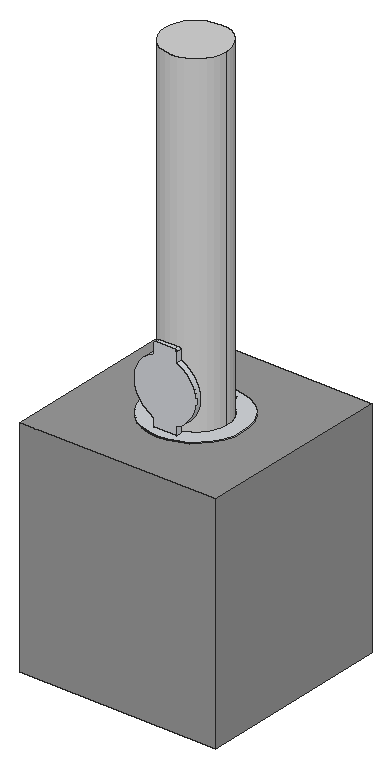
Revit family "Bollard-1_800_Bollards-Internal_Locking_Removable-CS3", category Site, Revit 2017
Family settings
  Round Connector Dimension = Use Diameter
  Part Type = Normal
  OmniClass Number = 23.15.10.11.21
  OmniClass Title = Traffic Safety Barriers and Protections
  Work Plane-Based = No
  Always vertical = Yes
  Cut with Voids When Loaded = No
  Shared = No
Parameters (values of type "6 in")
  URL = "https://1800bollards.com/"
  Type Comments = if([4 in Bollard], "4 in Nominal Diameter", if([5 in Bollard], "5 in Nominal Diameter", if([6 in Bollard], "6 in Nominal Diameter", if([8 in Bollard], "8 in Nominal Diameter", if([10 in Bollard], "10 in Nominal Diameter", if([12 in Bollard], "12 in Nominal Diameter", "3 in Nominal Diameter"))))))  # "6 in Nominal Diameter"
  Thickness = if([4 in Bollard], 0' 4 1/2", if([5 in Bollard], 0' 5 143/256", if([6 in Bollard], 0' 6 159/256", if([8 in Bollard], 0' 8 159/256", if([10 in Bollard], 0' 10 3/4", if([12 in Bollard], 1' 0 3/4", 0' 3 1/2"))))))  # 0' - 6 159/256"
  Stainless Steel = not(Carbon Steel)  # yes
  Sloped Offset [instance] = if(Sloped, 0' 0", Thickness)  # 0' - 6 159/256"
  Sloped [instance] = no
  Reveal Offset [instance] = if(Reveal, 0' 2 179/256", 0' 0")  # 0' - 0"
  Reveal [instance] = no
  Rebar by others = yes
  Product Page URL = "https://1800bollards.com/product-category/removable-bollards/"
  Product Name = "Removable Bollards"  # constant formula
  Product Documentation Link = "https://microsite.caddetails.com/main/company/viewproduct?productID=23134&companyID=5046&isFeatured=False&microsite=1&currentTab=Product"
  Model = "Internal Locking Removable Bollard"  # constant formula
  Manufacturer = "1-800-BOLLARDS"  # constant formula
  Height Below Grade = if(or([10 in Bollard], [12 in Bollard]), 1' 3", 1' 0")  # 1' - 0"
  Height = 3' - 0"  # constant formula
  Foundation Width = if([12 in Bollard], 2' 6", 1' 9")  # 1' - 9"
  Foundation Depth = if([12 in Bollard], 2' 6", 2' 0")  # 2' - 0"
  Flat [instance] = not(or(or(Dome, Reveal, Sloped)))  # yes
  Finish = Metal-1_800_Bollards-Stainless_Steel
  Dome Offset [instance] = if(Dome, 0' 0", Dome Height + 0' 1")  # 0' - 2.91135"
  Dome Height = Bollard Radius * tan(30.00°)  # 0' - 1.91135"
  Dome [instance] = no
  Description = if(Carbon Steel, "Carbon Steel Internal Locking Removable Bollard", "Stainless Steel Internal Locking Removable Bollard")  # "Stainless Steel Internal Locking Removable Bollard"
  Concrete by others = yes
  Concrete Finish by others = Concrete, Lightweight
  Carbon Steel = no
  Bollard Radius = Thickness / 2  # 0' - 3.31055"
  Bollard Cap Radius = Bollard Radius + 0' 1 215/256"  # 0' - 5.15039"
  Assembly Code = "G2020400"
  8 in Bollard = no
  6 in Bollard = yes
  5 in Bollard = no
  4 in Bollard = no
  3 in Bollard = not(or(or(or(or(or(or([4 in Bollard], [5 in Bollard], [6 in Bollard], [8 in Bollard], [10 in Bollard], [12 in Bollard])))))))  # no
  12 in Bollard = no
  10 in Bollard = no
Types (7): name | Type Comments | Thickness | Sloped Offset | Height Below Grade | Foundation Width | Foundation Depth | Dome Offset | Dome Height | Bollard Radius | Bollard Cap Radius | Assembly Code | 8 in Bollard | 6 in Bollard | 5 in Bollard | 4 in Bollard | 3 in Bollard | 12 in Bollard | 10 in Bollard
  3 in | "3 in Nominal Diameter" | 0' - 3 1/2" | 0' - 3 1/2" | 1' - 0" | 1' - 9" | 2' - 0" | 0' - 2.01036" | 0' - 1.01036" | 0' - 1 3/4" | 0' - 3 151/256" | "G2010400" | no | no | no | no | yes | no | no
  4 in | "4 in Nominal Diameter" | 0' - 4 1/2" | 0' - 4 1/2" | 1' - 0" | 1' - 9" | 2' - 0" | 0' - 2.29904" | 0' - 1.29904" | 0' - 2 1/4" | 0' - 4 23/256" | "G2010400" | no | no | no | yes | no | no | no
  5 in | "5 in Nominal Diameter" | 0' - 5 143/256" | 0' - 5 143/256" | 1' - 0" | 1' - 9" | 2' - 0" | 0' - 2.60463" | 0' - 1.60463" | 0' - 2.7793" | 0' - 4.61914" | "G2010400" | no | no | yes | no | no | no | no
  6 in | "6 in Nominal Diameter" | 0' - 6 159/256" | 0' - 6 159/256" | 1' - 0" | 1' - 9" | 2' - 0" | 0' - 2.91135" | 0' - 1.91135" | 0' - 3.31055" | 0' - 5.15039" | "G2020400" | no | yes | no | no | no | no | no
  8 in | "8 in Nominal Diameter" | 0' - 8 159/256" | 0' - 8 159/256" | 1' - 0" | 1' - 9" | 2' - 0" | 0' - 3.4887" | 0' - 2.4887" | 0' - 4.31055" | 0' - 6.15039" | "G2010400" | yes | no | no | no | no | no | no
  10 in | "10 in Nominal Diameter" | 0' - 10 3/4" | 0' - 10 3/4" | 1' - 3" | 1' - 9" | 2' - 0" | 0' - 4.10326" | 0' - 3.10326" | 0' - 5 3/8" | 0' - 7 55/256" | "G2010400" | no | no | no | no | no | no | yes
  12 in | "12 in Nominal Diameter" | 1' - 0 3/4" | 1' - 0 3/4" | 1' - 3" | 2' - 6" | 2' - 6" | 0' - 4.68061" | 0' - 3.68061" | 0' - 6 3/8" | 0' - 8 55/256" | "G2010400" | no | no | no | no | no | yes | no
Reference planes (in)
  plane 1 "Center (Front/Back)": y = 0
  plane 2: z = 0
  plane 3 "Center (Left/Right)": x = 0
  plane 4 "Top": z = 36
  plane 5 "Bottom": z = -12
  plane 6 "Right": x = 3.31055
  plane 7 "Left": x = -3.31055
  plane 8 "Back": y = 3.31055
  plane 9 "Front": y = -3.31055
Forms (in)
  Extrusion 1, solid, material "Metal-1_800_Bollards-Stainless_Steel" <- "Finish", detail levels medium+fine
    sketch origin (0, 0, 0) x (1, 0, 0) y (0, 1, 0)
      loop
        circle (0, 0) r 3.31055
    from -12 to 36
  Extrusion 2, solid, material "Metal-1_800_Bollards-Stainless_Steel" <- "Finish", detail levels coarse
    sketch origin (0, 0, 0) x (1, 0, 0) y (0, 1, 0)
      loop
        line (-3.31055, 3.31055) -> (-3.31055, -3.31055) -> (3.31055, -3.31055) -> (3.31055, 3.31055) -> (-3.31055, 3.31055)
    from -12 to 36
  Extrusion 3, void
    sketch origin (0, 0, 0) x (0, 1, 0) y (0, 0, 1)
      loop
        line (-3.31055, 42.62109) -> (3.31055, 37.98495) -> (3.31055, 42.62109) -> (-3.31055, 42.62109)
    from -3.31055 to 3.31055
  Revolve 4, void
    sketch origin (0, 0, 0.125) x (1, 0, 0) y (0, 0, 1)
      loop
        line (3.1567, 37.125) -> (3.1567, 35.875) -> (3.31055, 35.875) -> (3.31055, 37.125) -> (3.1567, 37.125)
      axis (0, 35.875) -> (0, 37.125)
    angle from 0 to 360
  Revolve 5, void
    sketch origin (0, 0, 0) x (1, 0, 0) y (0, 0, 1)
      loop
        line (3.31055, 37) -> (3.31055, 38.91135) -> (0, 38.91135)
        arc (0, 38.91135) -> (1.91135, 38.3992) -> (3.31055, 37) r 3.82269
      axis (0, 38.91135) -> (0, 37)
    angle from 0 to 360
  Extrusion 6, solid, material "Concrete, Lightweight" <- "Concrete Finish by others", visible <- "Concrete by others"
    sketch origin (0, 0, 0) x (1, 0, 0) y (0, 1, 0)
      loop
        line (-10.5, 10.5) -> (-10.5, -10.5) -> (10.5, -10.5) -> (10.5, 10.5) -> (-10.5, 10.5)
    from -24 to 0
Cuts and joins
  Extrusion 3, Revolve 4, Revolve 5 cuts Extrusion 1
Dimensions and locks (in)
  "Height": plane 4 "Top" to level
  "Height Below Grade": level to plane 5 "Bottom"
  "Thickness": plane 7 "Left" to plane 6 "Right"
  "Thickness": plane 9 "Front" to plane 8 "Back"
  equal spacing: plane 9 "Front", plane 1 "Center (Front/Back)", plane 8 "Back"
  equal spacing: plane 7 "Left", plane 3 "Center (Left/Right)", plane 6 "Right"
  "Sloped Offset": Extrusion 3 sketch curve to plane 4 "Top"
  plane 6 "Right" to Revolve 4 sketch curve to Revolve 4 sketch curve = 0' - 0" locked, 0' - 0.15385" locked
  "Reveal Offset": plane 4 "Top" to Revolve 4 sketch curve
  locked: Revolve 4 sketch curve to Revolve 4 sketch curve at 1.25
  "Dome Offset": Revolve 5 sketch curve to plane 4 "Top"
  "Dome Height": Revolve 5 sketch curve to Revolve 5 sketch curve
  equal spacing: Extrusion 6 sketch curve, plane 3 "Center (Left/Right)", Extrusion 6 sketch curve
  equal spacing: Extrusion 6 sketch curve, plane 1 "Center (Front/Back)", Extrusion 6 sketch curve
  "Foundation Width": Extrusion 6 sketch curve to Extrusion 6 sketch curve  (x2)
  "Foundation Depth": plane 2 to Extrusion 6
  locked: plane 3 "Center (Left/Right)" to Extrusion 1 sketch curve at 0
  locked: plane 1 "Center (Front/Back)" to Extrusion 1 sketch curve at 0
  "Bollard Radius": radius of Extrusion 1 sketch curve
  locked: Extrusion 3 sketch curve to plane 4 "Top" (angle 35.00°)
  aligned and locked: plane 2 to level
  aligned and locked: plane 4 "Top" to Extrusion 1
  aligned and locked: plane 8 "Back" to Extrusion 2 sketch curve
  aligned and locked: plane 7 "Left" to Extrusion 2 sketch curve
  aligned and locked: Extrusion 2 sketch curve to plane 9 "Front"
  aligned and locked: Extrusion 2 sketch curve to plane 6 "Right"
  aligned and locked: plane 4 "Top" to Extrusion 2
  aligned and locked: Revolve 4 sketch curve to plane 3 "Center (Left/Right)"
  aligned and locked: plane 6 "Right" to Revolve 5 sketch curve
  aligned and locked: plane 3 "Center (Left/Right)" to Revolve 5 sketch curve
  aligned and locked: plane 5 "Bottom" to Extrusion 1
  aligned and locked: nested 2 to plane 3 "Center (Left/Right)"
  aligned and locked: nested 2 to level
  aligned and locked: nested 1 to plane 1 "Center (Front/Back)"
  aligned and locked: nested 1 to level
  aligned and locked: plane 6 "Right" to Extrusion 3
  aligned and locked: Extrusion 3 to plane 7 "Left"
  aligned and locked: Extrusion 3 sketch curve to plane 8 "Back"
  aligned and locked: plane 9 "Front" to Extrusion 3 sketch curve
  aligned and locked: plane 5 "Bottom" to Extrusion 2
  aligned and locked: level to Extrusion 6
  aligned and locked: nested 3 to plane 1 "Center (Front/Back)"
  aligned and locked: plane 3 "Center (Left/Right)" to nested 3
  aligned and locked: nested 3 to level
Automatic sketch dimensions
  Revolve 4 sketch curve to plane 4 "Top" = 0' - 0.67477"
  Revolve 4 sketch curve to Revolve 4 sketch curve = 0' - 0.45023"
  Revolve 5 sketch curve to plane 3 "Center (Left/Right)" = 0' - 0"
  Revolve 5 sketch curve to Revolve 5 sketch curve = 0' - 0.90788"
  Revolve 5 sketch curve to Revolve 5 sketch curve = 0' - 0 5/8"
Nested families (in)
  nested 1: "Nested-1_800_Bollards-Mounting_Detail" at (0, 0, 0) x (0, 1, 0) z (1, 0, 0), type "Mounting Detail Side View"
  nested 2: "Nested-1_800_Bollards-Mounting_Detail" at (0, 0, 0) x (1, 0, 0) z (0, -1, 0), type "Mounting Detail Front View"
  nested 3: "Nested-1-800-Bollards-Cover" at (0, -3.56836, 0) x (0, 1, 0) z (0, 0, 1), type "Cover"
Definition of nested family "Nested-1-800-Bollards-Cover"
  Parameters (values of type "Cover")
    URL = "https://1800bollards.com/"
    Type Comments = "For use with 1-800-Bollards Models Only"  # constant formula
    Padlock = yes
    Model = "Cover"  # constant formula
    Manufacturer = "1-800-Bollards"  # constant formula
    Finish = none
    Description = "Removable Hole Cover"  # constant formula
    Bollard Radius = 0' - 3.31055"
    Bollard Insert = Bollard Radius + 0' 0 33/128"  # 0' - 3.56836"
    Bollard Cap Radius = Bollard Radius + 0' 1 215/256"  # 0' - 5.15039"
  Reference planes (in)
    plane 1 "Center (Front/Back)": y = 0
    plane 2: z = 0
    plane 3 "Center (Left/Right)": x = 0
    plane 4 "Insert": x = 3.56836
  Forms (in)
    Extrusion 1, solid, material <- "Finish", detail levels medium+fine
      sketch origin (6.51405, -0.00005, 0) x (0, 1, 0) y (0, 0, 1)
        loop
          arc (1.21383, 0.94738) -> (3.32048, 4.03127) -> (1.21383, 7.11515) r 3.31055
          line (1.21383, 7.11515) -> (1.21383, 8.08128)
          arc (1.21383, 8.08128) -> (1.14567, 8.24583) -> (0.98112, 8.31399) r 0.23271
          line (0.98112, 8.31399) -> (-0.98101, 8.31399)
          arc (-0.98101, 8.31399) -> (-1.14556, 8.24583) -> (-1.21372, 8.08128) r 0.23271
          line (-1.21372, 8.08128) -> (-1.21372, 7.11515)
          arc (-1.21372, 7.11515) -> (-3.32037, 4.03127) -> (-1.21372, 0.94738) r 3.31055
          line (-1.21372, 0.94738) -> (-1.21372, 0) -> (1.21383, 0) -> (1.21383, 0.94738)
      from -7.02854 to -6.51405
    Revolve 2, solid, material <- "Finish", visible <- "Padlock", detail levels fine
      sketch origin (-0.51449, -0.00207, -0.00238) x (0, 1, 0) y (0, 0, 1)
        loop
          arc (-0.47364, 7.6877) -> (-0.62902, 7.53232) -> (-0.47364, 7.37694) r 0.15538
          line (-0.47364, 7.37694) -> (-0.35666, 7.37694) -> (-0.35666, 7.6877) -> (-0.47364, 7.6877)
        axis (0, 7.6877) -> (0, 7.37694)
      angle from 0 to 180
    Extrusion 3, solid, material <- "Finish", detail levels coarse
      sketch origin (0, 0, 0) x (1, 0, 0) y (0, 1, 0)
        loop
          line (-1.57848, 5.15039) -> (-1.57848, -5.15039) -> (8.66717, -5.15039) -> (8.66717, 5.15039) -> (-1.57848, 5.15039)
        loop
          line (0.25781, 3.31055) -> (0.25781, -3.31055) -> (6.87891, -3.31055) -> (6.87891, 3.31055) -> (0.25781, 3.31055)
      from 0 to 0.09354
    Extrusion 4, solid, material <- "Finish", detail levels medium+fine
      sketch origin (0, 0, 0) x (1, 0, 0) y (0, 1, 0)
        loop
          circle (3.51678, 0) r 5.15039
        loop
          line (7.56679, 1.22365) -> (6.70382, 1.22365)
          arc (6.70382, 1.22365) -> (3.56836, 3.47184) -> (0.4329, 1.22365) r 3.31055
          line (0.4329, 1.22365) -> (-0.51449, 1.22365) -> (-0.51449, -1.2039) -> (0.42628, -1.2039)
          arc (0.42628, -1.2039) -> (3.56836, -3.47184) -> (6.71044, -1.2039) r 3.31055
          line (6.71044, -1.2039) -> (7.56679, -1.2039)
          arc (7.56679, -1.2039) -> (7.73135, -1.13574) -> (7.7995, -0.97119) r 0.23271
          line (7.7995, -0.97119) -> (7.7995, 0.99094)
          arc (7.7995, 0.99094) -> (7.73135, 1.15549) -> (7.56679, 1.22365) r 0.23271
      from 0 to 0.09354
  Dimensions and locks (in)
    Extrusion 1 sketch curve to Extrusion 1 sketch curve to Extrusion 1 sketch curve = 0' - 0" locked, 0' - 1.19884" locked
    Extrusion 1 sketch curve to Extrusion 1 sketch curve to Extrusion 1 sketch curve to level = 0' - 0" locked, 0' - 0.94738" locked, 0' - 0" locked
    Extrusion 1 sketch curve to Extrusion 1 sketch curve to plane 1 "Center (Front/Back)" to Extrusion 1 sketch curve to Extrusion 1 sketch curve = 0' - 0" locked, 0' - 1.21377" locked, 0' - 1.21377" locked, 0' - 0" locked
    Extrusion 1 to Extrusion 1 = 0' - 0.51449"
    plane 1 "Center (Front/Back)" to Revolve 2 sketch curve to Revolve 2 sketch curve = 0' - 0.35873" locked, 0' - 0.27236" locked
    Extrusion 1 to Revolve 2 sketch curve to Revolve 2 sketch curve = 0' - 0.62867" locked, 0' - 0.31076" locked
    Extrusion 4 sketch curve to Extrusion 4 sketch curve to plane 1 "Center (Front/Back)" to Extrusion 4 sketch curve to Extrusion 4 sketch curve = 0' - 0" locked, 0' - 1.2039" locked, 0' - 1.22365" locked, 0' - 0" locked
    Extrusion 4 sketch curve to plane 3 "Center (Left/Right)" to Extrusion 4 sketch curve = 0' - 0.51449" locked, 0' - 0.4329" locked
    "Bollard Cap Radius": plane 1 "Center (Front/Back)" to Extrusion 3 sketch curve  (x2)
    locked: Extrusion 3 sketch curve to Extrusion 4
    locked: Extrusion 3 sketch curve to plane 3 "Center (Left/Right)" at 1.57848
    Extrusion 4 sketch curve to Extrusion 4 sketch curve to Extrusion 4 sketch curve = 0' - 0.00662" locked, 0' - 1.08906" locked
    "Bollard Insert": plane 3 "Center (Left/Right)" to plane 4 "Insert"
    "Bollard Radius": Extrusion 3 sketch curve to plane 4 "Insert"
    "Bollard Radius": plane 4 "Insert" to Extrusion 3 sketch curve
    "Bollard Radius": plane 1 "Center (Front/Back)" to Extrusion 3 sketch curve
    "Bollard Radius": Extrusion 3 sketch curve to plane 1 "Center (Front/Back)"
    Extrusion 3 to Extrusion 4 to level = 0' - 0" locked, 0' - 0.09354" locked
    locked: Extrusion 1 to plane 3 "Center (Left/Right)" at 0.51449
    "Bollard Radius": radius of Extrusion 1 sketch curve  (x2)
    "Bollard Radius": radius of Extrusion 4 sketch curve
    "Bollard Cap Radius": radius of Extrusion 4 sketch curve
    aligned and locked: plane 2 to level
    aligned and locked: Extrusion 3 to level
    aligned and locked: Extrusion 4 to level
    aligned and locked: plane 3 "Center (Left/Right)" to Extrusion 1
  Automatic sketch dimensions
    Revolve 2 sketch curve to Extrusion 1 = 0' - 0.38736"
    Revolve 2 sketch curve to Revolve 2 sketch curve = 0' - 0.35666"
    Revolve 2 sketch curve to Revolve 2 sketch curve = 0' - 2.83349"
    Extrusion 1 sketch curve to Extrusion 1 sketch curve = 0' - 0.23271"  (x2)
    plane 1 "Center (Front/Back)" to Extrusion 1 sketch curve = 0' - 0.00987"
    plane 1 "Center (Front/Back)" to Extrusion 4 sketch curve = 0' - 0"
    Extrusion 4 sketch curve to plane 4 "Insert" = 0' - 0"  (x2)
    Extrusion 4 sketch curve to plane 4 "Insert" = 0' - 0.05158"
    Extrusion 4 sketch curve to Extrusion 4 sketch curve = 0' - 0.23271"  (x2)
    plane 1 "Center (Front/Back)" to Extrusion 4 sketch curve = 0' - 0.16129"
Definition of nested family "Nested-1_800_Bollards-Mounting_Detail"
  Parameters (values of type "Mounting Detail Front View")
    Width = 1' - 9"
    Warranty = ""
    URL = "https://1800bollards.com/"
    Type Comments = "for use with 1-800-Bollards Models only"  # constant formula
    Side View = no
    Side Rebar by others = and(Side View, Rebar by others)  # no
    Rebar by others = yes
    Product Page URL = ""
    Product Name = ""
    Product Documentation Link = ""
    Model = "Bollard Mounting Detail"  # constant formula
    Manufacturer = "1-800-BOLLARDS"  # constant formula
    Lid Height = Bollard Width + 0' 1 233/256"  # 0' - 10 17/32"
    Lid Depth = Bollard Width + 0' 8 9/128"  # 1' - 4 177/256"
    Front View = not(Side View)  # yes
    Front Rebar by others = and(Front View, Rebar by others)  # yes
    Description = "Internal Locking Bollard"  # constant formula
    Depth = 2' - 0"
    Concrete by others = yes
    Bollard Width = 0' - 8 159/256"
    Bollard Radius = Bollard Width / 2  # 0' - 4.31055"
    Bollard Depth = 1' - 0"
  Types (2): name | Side View | Side Rebar by others | Front View | Front Rebar by others
    Mounting Detail Front View | no | no | yes | yes
    Mounting Detail Side View | yes | yes | no | no
  Reference planes (in)
    plane 1 "Top": y = 0
    plane 2: z = 0
    plane 3 "Center (Left/Right)": x = 0
    plane 4 "Bottom": y = -24
    plane 5 "Left": x = -10.5
    plane 6 "Right": x = 10.5
  Lines and regions (in)
    Filled region 1, type "Concrete", in view "Ref. Level", visible <- "Concrete by others", detail levels medium+fine
      outline origin (0, 0, 0) x (1, 0, 0) y (0, 1, 0)
        loop
          line (-10.5, 0) -> (-10.5, -24) -> (10.5, -24) -> (10.5, 0) -> (-10.5, 0)
    Masking region 1, in view "Ref. Level", visible <- "Concrete by others", detail levels coarse
      outline origin (0, 0, 0) x (1, 0, 0) y (0, 1, 0)
        loop
          line (-10.5, 0) -> (-10.5, -24) -> (10.5, -24) -> (10.5, 0) -> (-10.5, 0)
    Masking region 2, in view "Ref. Level", visible <- "Front Rebar by others", detail levels fine
      outline origin (0, 0, 0) x (1, 0, 0) y (0, 1, 0)
        loop
          line (-7.5, -21.98574) -> (-7.5, -2) -> (-8, -2) -> (-8, -21.98574) -> (-7.5, -21.98574)
        loop
          line (7.5, -2) -> (7.5, -21.98574) -> (8, -21.98574) -> (8, -2) -> (7.5, -2)
    Masking region 3, in view "Ref. Level", visible <- "Front Rebar by others", detail levels fine
      outline origin (-10.5, -10.5, 0) x (-1, 0, 0) y (0, -1, 0)
        loop
          line (-19.5, -7.5) -> (-19.5, -8) -> (-1.5, -8) -> (-1.5, -7.5) -> (-19.5, -7.5)
        loop
          line (-1.5, 10.5) -> (-1.5, 11) -> (-19.5, 11) -> (-19.5, 10.5) -> (-1.5, 10.5)
    Masking region 4, in view "Ref. Level", visible <- "Front View", detail levels fine
      outline origin (41.63405, -6.88802, 0) x (1, 0, 0) y (0, 1, 0)
        loop
          line (-42.84777, 17.07956) -> (-42.84777, 16.11343)
          arc (-42.84777, 16.11343) -> (-45.95442, 11.97442) -> (-42.84777, 7.8354) r 4.31055
          line (-42.84777, 7.8354) -> (-42.84777, 6.88802) -> (-40.42022, 6.88802) -> (-40.42022, 7.8354)
          arc (-40.42022, 7.8354) -> (-37.31357, 11.97442) -> (-40.42022, 16.11343) r 4.31055
          line (-40.42022, 16.11343) -> (-40.42022, 17.07956)
          arc (-40.42022, 17.07956) -> (-40.48838, 17.24411) -> (-40.65293, 17.31227) r 0.23271
          line (-40.65293, 17.31227) -> (-42.61506, 17.31227)
          arc (-42.61506, 17.31227) -> (-42.77961, 17.24411) -> (-42.84777, 17.07956) r 0.23271
    Masking region 5, in view "Ref. Level", visible <- "Front View", detail levels fine
      outline origin (42.50143, -5.42558, 0) x (1, 0, 0) y (0, 1, 0)
        loop
          line (-50.84713, 5.10016) -> (-44.07028, 5.10016) -> (-44.07028, 4.15277) -> (-40.93258, 4.15277) -> (-40.93258, 5.10016) -> (-34.15573, 5.10016) -> (-34.15573, 5.42558) -> (-50.84713, 5.42558) -> (-50.84713, 5.10016)
    Masking region 6, in view "Ref. Level", visible <- "Side View", detail levels fine
      outline origin (18.69205, -3.74323, 0) x (1, 0, 0) y (0, 1, 0)
        loop
          line (-27.03775, 3.21883) -> (-25.35993, 3.21883) -> (-25.35993, 1.69217) -> (-23.88748, 1.69217) -> (-23.88748, 3.21883) -> (-10.34635, 3.21883) -> (-10.34635, 3.74323) -> (-27.03775, 3.74323) -> (-27.03775, 3.21883)
    Masking region 7, in view "Ref. Level", visible <- "Side View", detail levels fine
      outline origin (-44.2741, 10.32985, 0) x (1, 0, 0) y (0, 1, 0)
        loop
          line (37.29143, -10.32985) -> (37.79003, -10.32985) -> (39.96356, 0.2014) -> (39.50028, 0.2014) -> (37.29143, -10.32985)
    Masking region 8, in view "Ref. Level", visible <- "Side View", detail levels fine
      outline origin (0, 0, 0) x (1, 0, 0) y (0, 1, 0)
        loop
          line (4.31055, 31.94226) -> (4.31055, 31.06274) -> (4.5704, 31.06274) -> (4.5704, 31.94226) -> (4.31055, 31.94226)
    Masking region 9, in view "Ref. Level", visible <- "Side Rebar by others", detail levels fine
      outline origin (0, 0, 0) x (1, 0, 0) y (0, 1, 0)
        loop
          line (-7.5, -5) -> (-7.5, -19)
          arc (-7.5, -19) -> (-6.91421, -20.41421) -> (-5.5, -21) r 2
          line (-5.5, -21) -> (5.5, -21)
          arc (5.5, -21) -> (6.91421, -20.41421) -> (7.5, -19) r 2
          line (7.5, -19) -> (7.5, -5)
          arc (7.5, -5) -> (6.91421, -3.58579) -> (5.5, -3) r 2
          line (5.5, -3) -> (-5.5, -3)
          arc (-5.5, -3) -> (-6.91421, -3.58579) -> (-7.5, -5) r 2
        loop
          line (-8, -5) -> (-8, -19)
          arc (-8, -19) -> (-7.26777, -20.76777) -> (-5.5, -21.5) r 2.5
          line (-5.5, -21.5) -> (5.5, -21.5)
          arc (5.5, -21.5) -> (7.26777, -20.76777) -> (8, -19) r 2.5
          line (8, -19) -> (8, -5)
          arc (8, -5) -> (7.26777, -3.23223) -> (5.5, -2.5) r 2.5
          line (5.5, -2.5) -> (-5.5, -2.5)
          arc (-5.5, -2.5) -> (-7.26777, -3.23223) -> (-8, -5) r 2.5
    Masking region 10, in view "Ref. Level", detail levels medium+fine
      outline origin (0.00005, 0, 0) x (1, 0, 0) y (0, 1, 0)
        loop
          line (-4.59185, 0) -> (-4.59185, -12) -> (4.59174, -12) -> (4.59174, 0) -> (-4.59185, 0)
    detail lines, in view "Ref. Level", detail levels medium+fine
      curve 1: line (-4.31055, 0, 0) -> (-4.31055, -12, 0)
      curve 2: line (-4.31055, -12, 0) -> (4.31055, -12, 0)
      curve 3: line (4.31055, -12, 0) -> (4.31055, 0, 0)
  Dimensions and locks (in)
    "Depth": plane 4 "Bottom" to plane 1 "Top"
    "Width": plane 5 "Left" to plane 6 "Right"
    equal spacing: plane 5 "Left", plane 3 "Center (Left/Right)", plane 6 "Right"
    equal spacing: curve 1, plane 3 "Center (Left/Right)", curve 3
    "Bollard Width": curve 1 to curve 3
    "Bollard Depth": curve 2 to plane 1 "Top"
    plane 1 "Top" to Masking region 3 sketch curve to Masking region 3 sketch curve = 0' - 2 1/2" locked, 0' - 0 1/2" locked
    Masking region 3 sketch curve to Masking region 3 sketch curve to plane 4 "Bottom" = 0' - 0 1/2" locked, 0' - 2 1/2" locked
    plane 5 "Left" to Masking region 3 sketch curve to Masking region 3 sketch curve = 0' - 1 1/2" locked, 0' - 0" locked
    Masking region 3 sketch curve to Masking region 3 sketch curve to plane 6 "Right" = 0' - 0" locked, 0' - 1 1/2" locked
    plane 5 "Left" to Masking region 2 sketch curve to Masking region 2 sketch curve = 0' - 2 1/2" locked, 0' - 0 1/2" locked
    Masking region 2 sketch curve to Masking region 2 sketch curve to plane 6 "Right" = 0' - 0 1/2" locked, 0' - 2 1/2" locked
    Masking region 2 sketch curve to Masking region 2 sketch curve to plane 4 "Bottom" = 0' - 0" locked, 0' - 2.01426" locked
    Masking region 2 sketch curve to Masking region 2 sketch curve to plane 1 "Top" = 0' - 0" locked, 0' - 2" locked
    Masking region 7 sketch curve to Masking region 7 sketch curve to Masking region 7 sketch curve = 0' - 0.4986" locked, 0' - 1.71025" locked
    plane 1 "Top" to Masking region 7 sketch curve = 0' - 0"
    Masking region 6 sketch curve to Masking region 6 sketch curve to Masking region 6 sketch curve = 0' - 1.67782", 0' - 1.47245" locked
    Masking region 6 sketch curve to Masking region 6 sketch curve to Masking region 6 sketch curve to plane 1 "Top" to Masking region 6 sketch curve = 0' - 1.52666" locked, 0' - 0" locked, 0' - 0.5244" locked, 0' - 0" locked
    Masking region 4 sketch curve to Masking region 4 sketch curve to plane 3 "Center (Left/Right)" to Masking region 4 sketch curve to Masking region 4 sketch curve = 0' - 0" locked, 0' - 1.21372" locked, 0' - 1.21383" locked, 0' - 0" locked
    Masking region 4 sketch curve to plane 1 "Top" to Masking region 4 sketch curve to Masking region 4 sketch curve = 0' - 0" locked, 0' - 0.94738" locked, 0' - 0" locked
    Masking region 4 sketch curve to Masking region 4 sketch curve to Masking region 4 sketch curve = 0' - 1.19884" locked, 0' - 0" locked
    "Lid Height": plane 1 "Top" to Masking region 7 sketch curve
    locked: Masking region 7 sketch curve to Masking region 7 sketch curve at 0.46328
    "Lid Depth": Masking region 5 sketch curve to Masking region 5 sketch curve
    Masking region 5 sketch curve to plane 3 "Center (Left/Right)" to Masking region 5 sketch curve = 0' - 1.56885" locked, 0' - 1.56885" locked
    Masking region 5 sketch curve to Masking region 5 sketch curve to plane 1 "Top" to Masking region 5 sketch curve = 0' - 0.94738" locked, 0' - 0.32542" locked, 0' - 0" locked
    "Lid Depth": Masking region 6 sketch curve to Masking region 6 sketch curve
    equal spacing: Masking region 6 sketch curve, plane 3 "Center (Left/Right)", Masking region 6 sketch curve
    equal spacing: Masking region 5 sketch curve, plane 3 "Center (Left/Right)", Masking region 5 sketch curve
    plane 1 "Top" to Masking region 8 sketch curve to Masking region 8 sketch curve = 2' - 7.06274" locked, 0' - 0.87951" locked
    locked: Masking region 8 sketch curve to Masking region 8 sketch curve at 0.25986
    "Bollard Width": curve 1 to Masking region 8 sketch curve
    plane 5 "Left" to Masking region 9 sketch curve to Masking region 9 sketch curve = 0' - 2 1/2" locked, 0' - 0 1/2" locked
    Masking region 9 sketch curve to Masking region 9 sketch curve to plane 6 "Right" = 0' - 0 1/2" locked, 0' - 2 1/2" locked
    Masking region 9 sketch curve to Masking region 9 sketch curve to plane 4 "Bottom" = 0' - 0 1/2" locked, 0' - 2 1/2" locked
    Masking region 9 sketch curve to Masking region 9 sketch curve to plane 1 "Top" = 0' - 0 1/2" locked, 0' - 2 1/2" locked
    "Bollard Depth": plane 1 "Top" to Masking region 10 sketch curve
    locked: Masking region 10 sketch curve to curve 1 at 0.28125
    locked: curve 3 to Masking region 10 sketch curve at 0.28125
    "Bollard Radius": Masking region 7 sketch curve to plane 3 "Center (Left/Right)"
    "Bollard Radius": radius of Masking region 4 sketch curve  (x2)
    aligned and locked: plane 1 "Top" to Filled region 1 sketch curve
    aligned and locked: plane 1 "Top" to Masking region 1 sketch curve
    aligned and locked: plane 4 "Bottom" to Masking region 1 sketch curve
    aligned and locked: plane 6 "Right" to Masking region 1 sketch curve
    aligned and locked: plane 5 "Left" to Masking region 1 sketch curve
    aligned and locked: plane 5 "Left" to Filled region 1 sketch curve
    aligned and locked: plane 6 "Right" to Filled region 1 sketch curve
    aligned and locked: plane 4 "Bottom" to Filled region 1 sketch curve
    aligned and locked: plane 1 "Top" to Masking region 10 sketch curve
  Automatic sketch dimensions
    Masking region 9 sketch curve to Masking region 9 sketch curve = 0' - 0"  (x4)
    Masking region 9 sketch curve to Masking region 9 sketch curve = 0' - 2"  (x3)
    plane 6 "Right" to Masking region 9 sketch curve = 0' - 5"
    plane 1 "Top" to curve 3 = 0' - 0"
    plane 1 "Top" to curve 1 = 0' - 0"
    Masking region 4 sketch curve to Masking region 4 sketch curve = 0' - 0.23271"  (x2)
    Masking region 4 sketch curve to plane 3 "Center (Left/Right)" = 0' - 0.00982"
    plane 1 "Top" to Masking region 5 sketch curve = 0' - 0.32542"
    Masking region 6 sketch curve to Masking region 6 sketch curve = 0' - 0"
